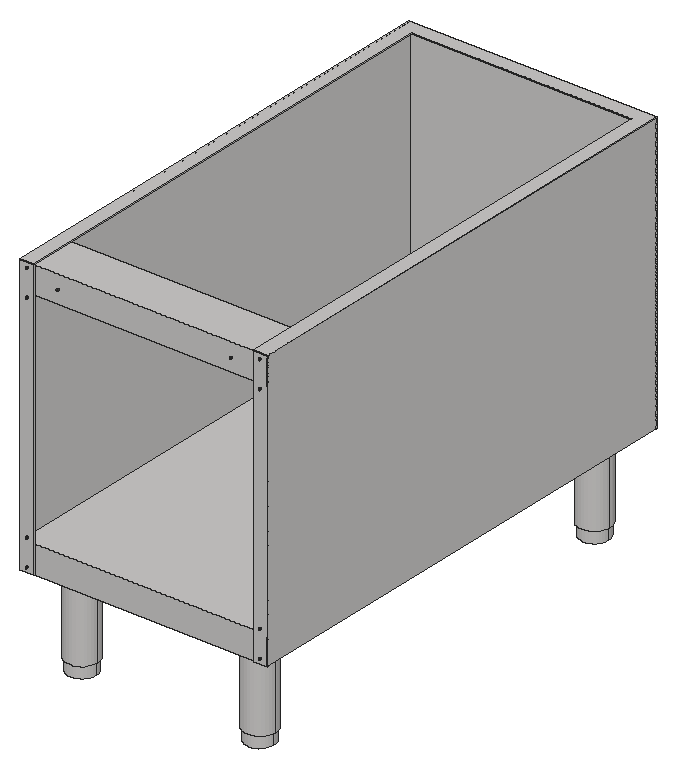
Revit family "QF_ELECTROLUXPROFESSIONAL_391153_E9BAND00O0", category Specialty Equipment, Revit 2018
Family settings
  Round Connector Dimension = Use Diameter
  Part Type = Normal
  Work Plane-Based = No
  Always vertical = Yes
  Cut with Voids When Loaded = No
  Shared = No
  Room Calculation Point = No
Parameters
  Width = 399 mm  # constant formula
  Weight in Pounds = 22
  URL Cutsheet = "www.electrolux.com"
  URL = "www.electrolux.com"
  Type Mark [instance] = ""
  Status [instance] = ""
  Specification by User [instance] = ""
  Specification by Manufacturer = ""
  Show Clearance [instance] = yes
  Serial Number = ""
  Seismic Rating = ""
  SMACNA No = ""
  Revision Code [instance] = ""
  Omniclass Number and Title = ""
  NAFEM Spec ID Number = ""
  Model = "391153"
  Masterspec = ""
  Manufacturer = "ELECTROLUX"
  Item Number [instance] = ""
  Installed By [instance] = ""
  Identify Quantity as Lot [instance] = yes
  Height = 599 mm  # constant formula
  Furnished By [instance] = ""
  Foodservice Equipment Identifier [instance] = yes
  Direct Waste Size = 0"
  Description = "900XP OPEN BASE 400 MM 1/2 MODULE."
  Depth = 785 mm  # constant formula
  CSI MasterFormat = ""
  CSI Master Format = ""
Reference planes
  plane 1 "BACK": y = 0
  plane 2: z = 0
  plane 3 "LEFT": x = 0
  plane 4 "RIGHT": x = 399
  plane 5 "FRONT": y = -785
  plane 6 "TOP": z = 599
  plane 7 "Center Y": x = 199.5
  plane 8 "Center X": y = -392.5
  plane 9 "Base Height": z = 149
  plane 10: x = 56
  plane 11: x = 343
  plane 12: y = -55
  plane 13: y = -730
Forms (mm)
  Extrusion 1, solid, material "QF_Finishes_Stainless Steel"
    sketch origin (0, -231, 149) x (-1, 0, 0) y (0, -1, 0)
      loop
        line (0, -231) -> (0, 554) -> (-22, 554) -> (-22, -209) -> (-377, -209) -> (-377, 554) -> (-399, 554) -> (-399, -231) -> (0, -231)
    from 448.412 to 450
  Extrusion 2, solid, material "QF_Finishes_Stainless Steel"
    sketch origin (0, -785, 0) x (1, 0, 0) y (0, 0, 1)
      loop
        line (0, 597.413) -> (0, 149) -> (22, 149) -> (22, 597.413) -> (0, 597.413)
      loop
        line (399, 149) -> (399, 597.413) -> (377, 597.413) -> (377, 149) -> (399, 149)
    from 0 to -1.59
  Extrusion 3, solid, material "QF_Finishes_Stainless Steel"
    sketch origin (0, -231, 0) x (0, 1, 0) y (0, 0, 1)
      loop
        line (-552.41, 597.413) -> (-552.41, 149) -> (229.41, 149) -> (229.41, 597.413) -> (-552.41, 597.413)
    from 0 to 1.59
  Extrusion 4, solid, material "QF_Finishes_Stainless Steel"
    sketch origin (399, -231, 0) x (0, 1, 0) y (0, 0, 1)
      loop
        line (-552.41, 597.413) -> (-552.41, 149) -> (229.41, 149) -> (229.41, 597.413) -> (-552.41, 597.413)
    from 0 to -1.59
  Extrusion 5, solid, material "QF_Finishes_Stainless Steel"
    sketch origin (0, 0, 0) x (1, 0, 0) y (0, 0, 1)
      loop
        line (0, 597.413) -> (0, 149) -> (399, 149) -> (399, 597.413) -> (0, 597.413)
    from 0 to 1.59
  Extrusion 6, solid, material "QF_Finishes_Stainless Steel"
    sketch origin (0, -231, 149) x (-1, 0, 0) y (0, -1, 0)
      loop
        line (-1.59, -229.41) -> (-1.59, 552.41) -> (-397.41, 552.41) -> (-397.41, -229.41) -> (-1.59, -229.41)
      loop
        circle (-352.751, 403.685) r 12.7
    from 0 to 45
  Extrusion 7, solid, material "QF_Finishes_Stainless Steel"
    sketch origin (0, -231, 0) x (0, 1, 0) y (0, 0, 1)
      loop
        line (-552.41, 597.413) -> (-552.41, 554.237) -> (-550.82, 554.237) -> (-550.82, 595.823) -> (-477.41, 595.823) -> (-477.41, 597.413) -> (-552.41, 597.413)
    from 1.59 to 397.41
  Extrusion 8, solid, material "QF_Finishes_Black"
    sketch origin (399, -785, 149) x (-1, 0, 0) y (0, 0, -1)
      loop
        circle (387.615, -441.126) r 1.5
      loop
        circle (387.615, -397.951) r 1.5
      loop
        circle (387.615, -51.126) r 1.5
      loop
        circle (387.615, -7.951) r 1.5
      loop
        circle (11.385, -441.126) r 1.5
      loop
        circle (11.385, -397.951) r 1.5
      loop
        circle (11.385, -51.126) r 1.5
      loop
        circle (11.385, -7.951) r 1.5
    from 0 to 1.59
  Extrusion 9, solid, material "QF_Finishes_Black"
    sketch origin (0, -783.41, 592.413) x (0, 0, 1) y (-1, 0, 0)
      loop
        circle (-17.884, -59.72) r 1.5
      loop
        circle (-17.884, -339.28) r 1.5
    from 0 to 1.59
  Revolve 10, solid, material "QF_Finishes_Stainless Steel"
    sketch origin (1, -55, 0) x (1, 0, 0) y (0, 0, 1)
      loop
        line (55, 0) -> (55, 149) -> (29.6, 149) -> (29.6, 19.05) -> (32.1, 19.05) -> (32.1, 0) -> (55, 0)
      axis (55, 0) -> (55, 149)
    angle from 0 to 360
  Revolve 11, solid, material "QF_Finishes_Stainless Steel"
    sketch origin (398, -55, 0) x (-1, 0, 0) y (0, 0, -1)
      loop
        line (55, 0) -> (32.1, 0) -> (32.1, -19.05) -> (29.6, -19.05) -> (29.6, -149) -> (55, -149) -> (55, 0)
      axis (55, 0) -> (55, -149)
    angle from 0 to 360
  Revolve 12, solid, material "QF_Finishes_Stainless Steel"
    sketch origin (1, -730, 0) x (1, 0, 0) y (0, 0, 1)
      loop
        line (55, 0) -> (55, 149) -> (29.6, 149) -> (29.6, 19.05) -> (32.1, 19.05) -> (32.1, 0) -> (55, 0)
      axis (55, 0) -> (55, 149)
    angle from 0 to 360
  Revolve 13, solid, material "QF_Finishes_Stainless Steel"
    sketch origin (398, -730, 0) x (-1, 0, 0) y (0, 0, -1)
      loop
        line (55, 0) -> (32.1, 0) -> (32.1, -19.05) -> (29.6, -19.05) -> (29.6, -149) -> (55, -149) -> (55, 0)
      axis (55, 0) -> (55, -149)
    angle from 0 to 360
Lines and regions (mm)
  symbolic lines, style "QF_Undercounter Details"
    curve 1: line (0, 0, 149) -> (399, 0, 149)
    curve 2: line (0, -785, 149) -> (0, 0, 149)
    curve 3: line (399, -785, 149) -> (0, -785, 149)
    curve 4: line (399, 0, 149) -> (399, -785, 149)
    curve 5: line (22, -708.41, 149) -> (377, -708.41, 149)
    curve 6: line (377, -785, 149) -> (377, -22, 149)
    curve 7: line (377, -22, 149) -> (22, -22, 149)
    curve 8: line (22, -22, 149) -> (22, -785, 149)
    curve 10: line (377, -22, 149) -> (399, 0, 149)
  symbolic lines
    curve 9: line (22, -22, 149) -> (0, 0, 149)
Dimensions and locks
  equal spacing: plane 3 "LEFT", plane 7 "Center Y", plane 4 "RIGHT"
  "Width": plane 3 "LEFT" to plane 4 "RIGHT"
  equal spacing: plane 5 "FRONT", plane 8 "Center X", plane 1 "BACK"
  "Depth": plane 5 "FRONT" to plane 1 "BACK"
  "Height": plane 6 "TOP" to level
  locked: plane 9 "Base Height" to level at 149
  plane 4 "RIGHT" to plane 3 "LEFT" = 399 mm
  plane 4 "RIGHT" to plane 11 to plane 10 to plane 3 "LEFT" = 56 mm, 287 mm, 56 mm
  plane 12 to plane 1 "BACK" = 55 mm
  plane 5 "FRONT" to plane 13 = 55 mm
  plane 9 "Base Height" to plane 2 = 149 mm
  plane 6 "TOP" to plane 9 "Base Height" = 450 mm
  aligned and locked: level to plane 2
Automatic sketch dimensions
  curve 4 to plane 4 "RIGHT" = 0 mm
  plane 5 "FRONT" to curve 6 = 0 mm
  curve 3 to plane 3 "LEFT" = 0 mm
  plane 1 "BACK" to curve 1 = 0 mm
  curve 7 to plane 4 "RIGHT" = 22 mm
  plane 3 "LEFT" to curve 9 = 22 mm
  plane 1 "BACK" to curve 10 = 22 mm
  plane 13 to curve 5 = 21.59 mm
  plane 1 "BACK" to Extrusion 1 sketch curve = 0 mm
  Extrusion 1 sketch curve to plane 4 "RIGHT" = 0 mm
  plane 5 "FRONT" to Extrusion 1 sketch curve = 0 mm  (x2)
  Extrusion 1 sketch curve to plane 3 "LEFT" = 0 mm
  Extrusion 1 sketch curve to Extrusion 1 sketch curve = 22 mm
  plane 3 "LEFT" to Extrusion 1 sketch curve = 22 mm
  plane 1 "BACK" to Extrusion 1 sketch curve = 22 mm
  Extrusion 2 sketch curve to plane 3 "LEFT" = 0 mm
  Extrusion 2 sketch curve to plane 9 "Base Height" = 0 mm  (x2)
  Extrusion 2 sketch curve to plane 4 "RIGHT" = 0 mm
  plane 3 "LEFT" to Extrusion 2 sketch curve = 22 mm
  Extrusion 2 sketch curve to Extrusion 2 sketch curve = 22 mm
  Extrusion 2 sketch curve to plane 6 "TOP" = 1.587 mm  (x2)
  Extrusion 3 sketch curve to plane 9 "Base Height" = 0 mm
  Extrusion 3 sketch curve to plane 5 "FRONT" = 1.59 mm
  plane 1 "BACK" to Extrusion 3 sketch curve = 1.59 mm
  Extrusion 3 sketch curve to plane 6 "TOP" = 1.587 mm
  Extrusion 4 sketch curve to plane 9 "Base Height" = 0 mm
  Extrusion 4 sketch curve to plane 5 "FRONT" = 1.59 mm
  plane 1 "BACK" to Extrusion 4 sketch curve = 1.59 mm
  Extrusion 4 sketch curve to plane 6 "TOP" = 1.587 mm
  Extrusion 5 sketch curve to plane 3 "LEFT" = 0 mm
  Extrusion 5 sketch curve to plane 4 "RIGHT" = 0 mm
  Extrusion 5 sketch curve to plane 9 "Base Height" = 0 mm
  Extrusion 5 sketch curve to plane 6 "TOP" = 1.587 mm
  Extrusion 6 sketch curve to Extrusion 6 sketch curve = 0 mm  (x2)
  Extrusion 6 sketch curve to plane 4 "RIGHT" = 1.59 mm
  plane 11 to Extrusion 6 sketch curve = 22.451 mm
  plane 11 to Extrusion 6 sketch curve = 9.751 mm
  plane 3 "LEFT" to Extrusion 6 sketch curve = 1.59 mm
  plane 1 "BACK" to Extrusion 6 sketch curve = 1.59 mm
  plane 13 to Extrusion 6 sketch curve = 95.315 mm
  Extrusion 6 sketch curve to plane 5 "FRONT" = 1.59 mm
  Extrusion 7 sketch curve to plane 5 "FRONT" = 1.59 mm
  Extrusion 7 sketch curve to Extrusion 7 sketch curve = 1.59 mm
  Extrusion 7 sketch curve to plane 6 "TOP" = 3.178 mm
  plane 13 to Extrusion 7 sketch curve = 21.59 mm
  Extrusion 7 sketch curve to Extrusion 7 sketch curve = 41.585 mm
  Extrusion 7 sketch curve to plane 6 "TOP" = 1.588 mm
  Extrusion 1 to Extrusion 8 sketch curve = 365.615 mm
  Extrusion 8 sketch curve to Extrusion 1 = 50.462 mm
  Extrusion 8 sketch curve to Extrusion 8 sketch curve = 0 mm  (x3)
  Extrusion 8 sketch curve to Extrusion 1 = 7.286 mm  (x2)
  Extrusion 8 sketch curve to Extrusion 1 = 10.615 mm  (x4)
  Extrusion 8 sketch curve to Extrusion 8 sketch curve = 43.175 mm  (x3)
  Extrusion 8 sketch curve to Extrusion 8 sketch curve = 346.825 mm  (x2)
  Extrusion 9 sketch curve to Extrusion 7 = 20.291 mm  (x2)
  Extrusion 7 to Extrusion 9 sketch curve = 58.13 mm  (x2)
  Revolve 10 sketch curve to plane 9 "Base Height" = 0 mm
  Revolve 10 sketch curve to level = 0 mm
  plane 10 to Revolve 10 sketch curve = 0 mm  (x2)
  plane 10 to Revolve 10 sketch curve = 22.9 mm
  Revolve 10 sketch curve to Revolve 10 sketch curve = 2.5 mm
  level to Revolve 10 sketch curve = 19.05 mm
  plane 9 "Base Height" to Revolve 10 sketch curve = 1 mm
  Revolve 10 sketch curve to Revolve 10 sketch curve = 20 mm
  Revolve 11 sketch curve to plane 9 "Base Height" = 0 mm
  Revolve 11 sketch curve to level = 0 mm
  Revolve 11 sketch curve to plane 11 = 0 mm  (x2)
  plane 11 to Revolve 11 sketch curve = 22.9 mm
  Revolve 11 sketch curve to Revolve 11 sketch curve = 2.5 mm
  plane 9 "Base Height" to Revolve 11 sketch curve = 1 mm
  Revolve 11 sketch curve to Revolve 11 sketch curve = 20 mm
  level to Revolve 11 sketch curve = 19.05 mm
  Revolve 12 sketch curve to plane 9 "Base Height" = 0 mm
  Revolve 12 sketch curve to level = 0 mm
  plane 10 to Revolve 12 sketch curve = 0 mm  (x2)
  plane 10 to Revolve 12 sketch curve = 22.9 mm
  Revolve 12 sketch curve to Revolve 12 sketch curve = 2.5 mm
  level to Revolve 12 sketch curve = 19.05 mm
  plane 9 "Base Height" to Revolve 12 sketch curve = 1 mm
  Revolve 12 sketch curve to Revolve 12 sketch curve = 20 mm
  Revolve 13 sketch curve to plane 9 "Base Height" = 0 mm
  Revolve 13 sketch curve to level = 0 mm
  Revolve 13 sketch curve to plane 11 = 0 mm  (x2)
  plane 11 to Revolve 13 sketch curve = 22.9 mm
  Revolve 13 sketch curve to Revolve 13 sketch curve = 2.5 mm
  plane 9 "Base Height" to Revolve 13 sketch curve = 1 mm
  Revolve 13 sketch curve to Revolve 13 sketch curve = 20 mm
  level to Revolve 13 sketch curve = 19.05 mm
  radius of Extrusion 8 sketch curve = 1.5 mm  (x8)
  radius of Extrusion 9 sketch curve = 1.5 mm  (x2)
